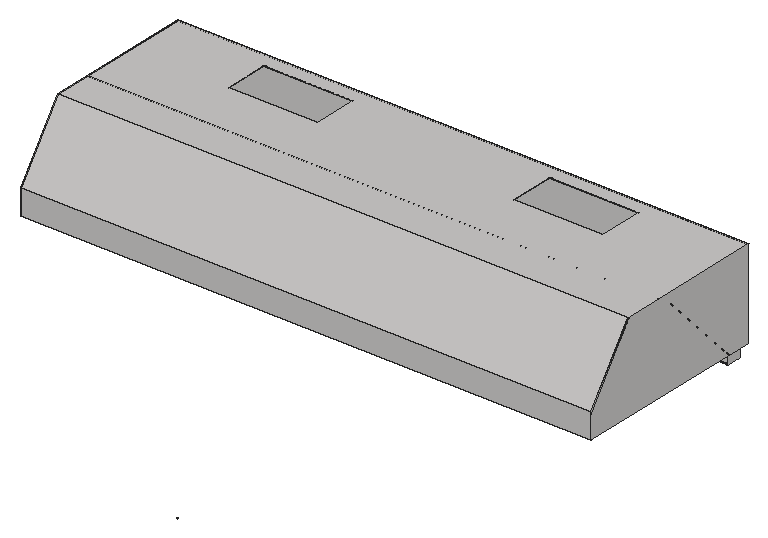
Revit family "QF_ELECTROLUXPROFESSIONAL_642335_BP1132DT", category Specialty Equipment, Revit 2014
Reference planes
  plane 1 "Center (Front/Back)": y = 0
  plane 2: z = 0
  plane 3 "Center (Left/Right)": x = 150
  plane 4 "LEFT": x = -1450
  plane 5 "RIGHT": x = 1750
  plane 6 "BACK": y = 550
  plane 7 "FRONT": y = -550
  plane 8 "TOP": z = 2500
  plane 9 "Base": z = 2000
  plane 10: z = 1926
  plane 11 "DrainY": y = 485
  plane 12: x = -1447
  plane 13: through (0, 414.509, 2000.8) normal (0, 0.7314, 0.682)
  plane 14: y = 470
  plane 15: y = 220
  plane 16 "DrainX": x = 1630
  plane 17: x = -400
  plane 18: x = 700
  plane 19: x = -900
  plane 20: x = 1200
  plane 21: x = 1747
  plane 22: x = 1540
  plane 23: x = 1720
  plane 24: x = -1410
  plane 25: x = -1045
  plane 26: x = -650
  plane 27: x = 1710
  plane 28: x = 1345
  plane 29: x = 950
  plane 30: z = 2140
  plane 31: y = -290
Forms (mm)
  Extrusion 1, solid, material "QF_Finishes_Stainless Steel"
    sketch origin (-1450, 0, 360) x (0, 1, 0) y (0, 0, 1)
      loop
        line (550, 1640) -> (550, 2140) -> (-290, 2140) -> (-550, 1780) -> (-550, 1640) -> (550, 1640)
    from 0 to 3
  Extrusion 2, solid, material "QF_Finishes_Stainless Steel"
    sketch origin (150, 0, 360) x (0, 1, 0) y (0, 0, 1)
      loop
        line (415.255, 1640) -> (550, 1640) -> (550, 2139.19) -> (549.2, 2139.19) -> (549.2, 1640.8) -> (415.876, 1640.8) -> (339.347, 1722.867) -> (349.609, 1732.436) -> (348.927, 1733.167) -> (337.934, 1722.917) -> (415.255, 1640)
      loop
        line (-82.203, 2139.19) -> (-82.203, 2118.6) -> (-31.047, 2118.6) -> (34.354, 2048.466) -> (46.028, 2059.352) -> (45.346, 2060.083) -> (34.403, 2049.879) -> (-30.612, 2119.6) -> (-81.203, 2119.6) -> (-81.203, 2139.19) -> (-82.203, 2139.19)
    from -1597 to 1597
  Extrusion 3, solid, material "QF_Finishes_Stainless Steel"
    sketch origin (1750, 0, 360) x (0, 1, 0) y (0, 0, 1)
      loop
        line (550, 1640) -> (550, 2140) -> (-290, 2140) -> (-550, 1780) -> (-550, 1640) -> (550, 1640)
    from 0 to -3
  Extrusion 4, solid, material "QF_Finishes_Stainless Steel"
    sketch origin (150, 0, 360) x (0, 1, 0) y (0, 0, 1)
      loop
        line (550, 2139.19) -> (550, 2140) -> (-290, 2140) -> (-550, 1780) -> (-550, 1640) -> (-549.2, 1640) -> (-549.2, 1779.741) -> (-289.598, 2139.19) -> (550, 2139.19)
    from -1600 to 1600
  Extrusion 5, solid, material "QF_Finishes_Stainless Steel"
    sketch origin (150, 0, 360) x (0, 1, 0) y (0, 0, 1)
      loop
        line (534, 1640) -> (436, 1640) -> (436, 1627) -> (443.5, 1627) -> (443.5, 1576)
        arc (443.5, 1576) -> (446.429, 1568.929) -> (453.5, 1566) r 10
        line (453.5, 1566) -> (516.5, 1566)
        arc (516.5, 1566) -> (523.571, 1568.929) -> (526.5, 1576) r 10
        line (526.5, 1576) -> (526.5, 1627) -> (534, 1627) -> (534, 1640)
    from 1390 to 1570
  Extrusion 6, solid, material "QF_Finishes_Stainless Steel"
    sketch origin (0, 0, 2000) x (0, 1, 0) y (-1, 0, 0)
      loop
        circle (485, -1630) r 20
    from -76 to -74
  Extrusion 7, solid, material "QF_Finished_Chrome"
    sketch origin (150, 0, 360) x (0, 1, 0) y (0, 0, 1)
      loop
        line (337.934, 1722.917) -> (341.591, 1726.327) -> (38.011, 2051.876) -> (34.354, 2048.466) -> (337.934, 1722.917)
    from -1195 to -1560
  Extrusion 8, solid, material "QF_Finished_Chrome"
    sketch origin (150, 0, 360) x (0, 1, 0) y (0, 0, 1)
      loop
        line (337.934, 1722.917) -> (341.591, 1726.327) -> (38.011, 2051.876) -> (34.354, 2048.466) -> (337.934, 1722.917)
    from 800 to -800
  Extrusion 9, solid, material "QF_Finishes_Stainless Steel"
    sketch origin (150, 0, 360) x (0, 1, 0) y (0, 0, 1)
      loop
        line (337.934, 1722.917) -> (341.591, 1726.327) -> (38.011, 2051.876) -> (34.354, 2048.466) -> (337.934, 1722.917)
    from 1597 to 1560
  Extrusion 10, solid, material "QF_Finishes_Stainless Steel"
    sketch origin (150, 0, 360) x (0, 1, 0) y (0, 0, 1)
      loop
        line (341.588, 1726.324) -> (38.009, 2051.874) -> (34.354, 2048.466) -> (337.934, 1722.917) -> (341.588, 1726.324)
    from -1195 to -800
  Extrusion 11, solid, material "QF_Finished_Chrome"
    sketch origin (150, 0, 360) x (0, 1, 0) y (0, 0, 1)
      loop
        line (341.588, 1726.324) -> (38.009, 2051.874) -> (34.354, 2048.466) -> (337.934, 1722.917) -> (341.588, 1726.324)
    from 1195 to 1560
  Extrusion 12, void
    sketch origin (0, 0, 2500) x (0, 1, 0) y (-1, 0, 0)
      loop
        line (470, 900) -> (220, 900) -> (220, 400) -> (470, 400) -> (470, 900)
    from 0 to -10
  Extrusion 13, void
    sketch origin (940, 0, 2500) x (0, 1, 0) y (-1, 0, 0)
      loop
        line (470, 240) -> (220, 240) -> (220, -260) -> (470, -260) -> (470, 240)
    from 0 to -10
  Extrusion 14, solid, material "QF_Finishes_Stainless Steel"
    sketch origin (0, 0, 0) x (1, 0, 0) y (0, 1, 0)
      loop
        line (-1450, 550) -> (-1450, 549) -> (-1449, 549) -> (-1449, 550) -> (-1450, 550)
    from 0 to 1
  Extrusion 15, solid, material "QF_Finishes_Stainless Steel"
    sketch origin (150, 0, 360) x (0, 1, 0) y (0, 0, 1)
      loop
        line (337.934, 1722.917) -> (341.591, 1726.327) -> (38.011, 2051.876) -> (34.354, 2048.466) -> (337.934, 1722.917)
    from -1560 to -1597
  Extrusion 16, solid, material "QF_Finishes_Stainless Steel"
    sketch origin (150, 0, 360) x (0, 1, 0) y (0, 0, -1)
      loop
        line (341.588, -1726.324) -> (337.934, -1722.917) -> (34.354, -2048.466) -> (38.009, -2051.874) -> (341.588, -1726.324)
    from -1195 to -800
Cuts and joins
  Extrusion 12, Extrusion 13 cuts Extrusion 4
  joined: Extrusion 2, Extrusion 4
Lines and regions (mm)
  reference lines
    curve 1: line (150, 34.354, 2408.466) -> (150, 34.354, 2248.466)
  symbolic lines, style "SpecialityEquipment", detail levels coarse
    curve 2: line (1750, 550, 2500) -> (-1450, 550, 2500)
    curve 3: line (-1450, 550, 2500) -> (-1450, -550, 2500)
    curve 4: line (1750, -550, 2500) -> (1750, 550, 2500)
    curve 5: line (-1450, -550, 2500) -> (1750, -550, 2500)
    curve 6: line (-900, 220, 2500) -> (-400, 220, 2500)
    curve 7: line (-900, 470, 2500) -> (-900, 220, 2500)
    curve 8: line (-400, 470, 2500) -> (-900, 470, 2500)
    curve 9: line (-400, 220, 2500) -> (-400, 470, 2500)
    curve 10: line (700, 470, 2500) -> (700, 220, 2500)
    curve 11: line (700, 220, 2500) -> (1200, 220, 2500)
    curve 12: line (1200, 470, 2500) -> (700, 470, 2500)
    curve 13: line (1200, 220, 2500) -> (1200, 470, 2500)
    curve 14: line (-1450, -290, 0) -> (1750, -290, 0)
    curve 15: line (-1450, 550, 0) -> (1750, -290, 0)
    curve 16: line (1750, 550, 0) -> (-1450, -290, 0)
Dimensions and locks
  plane 4 "LEFT" to plane 5 "RIGHT" = 3200 mm
  equal spacing: plane 4 "LEFT", plane 3 "Center (Left/Right)", plane 5 "RIGHT"
  locked: plane 8 "TOP" to plane 9 "Base" at 500
  plane 9 "Base" to plane 10 = 74 mm
  plane 6 "BACK" to plane 11 "DrainY" = 65 mm  (x2)
  plane 4 "LEFT" to plane 12 = 3 mm
  plane 6 "BACK" to plane 14 = 80 mm
  plane 14 to plane 15 = 250 mm  (x2)
  plane 16 "DrainX" to plane 5 "RIGHT" = 120 mm
  locked: plane 17 to plane 18 at 1100
  equal spacing: plane 17, plane 3 "Center (Left/Right)", plane 18
  plane 19 to plane 17 = 500 mm
  plane 18 to plane 20 = 500 mm
  plane 21 to plane 5 "RIGHT" = 3 mm
  locked: plane 22 to plane 16 "DrainX" at 90
  locked: plane 16 "DrainX" to plane 23 at 90
  plane 6 "BACK" to plane 7 "FRONT" = 1100 mm
  equal spacing: plane 6 "BACK", plane 1 "Center (Front/Back)", plane 7 "FRONT"
  plane 15 to plane 7 "FRONT" = 770 mm
  plane 14 to plane 6 "BACK" = 80 mm
  locked: plane 4 "LEFT" to plane 24 at 40
  locked: plane 24 to plane 25 at 365
  locked: plane 25 to plane 26 at 395
  locked: plane 27 to plane 28 at 365
  locked: plane 28 to plane 29 at 395
  locked: plane 27 to plane 5 "RIGHT" at 40
  plane 26 to plane 29 = 1600 mm
  plane 30 to plane 9 "Base" = 140 mm
  plane 31 to plane 7 "FRONT" = 260 mm
  locked: plane 9 "Base" to level at 2000
  aligned and locked: level to plane 2
  aligned and locked: Extrusion 2 to Extrusion 1
  aligned and locked: Extrusion 2 to Extrusion 3
  aligned and locked: plane 5 "RIGHT" to Extrusion 4
  aligned and locked: Extrusion 4 to plane 4 "LEFT"
  aligned and locked: plane 21 to Extrusion 9
  aligned and locked: plane 19 to Extrusion 12
  aligned and locked: Extrusion 12 to plane 17
  aligned and locked: Extrusion 12 to plane 15
  aligned and locked: Extrusion 12 to plane 14
  aligned and locked: Extrusion 13 to plane 20
  aligned and locked: plane 18 to Extrusion 13
  aligned and locked: plane 23 to Extrusion 5
  aligned and locked: Extrusion 5 to plane 22
  aligned and locked: Extrusion 9 to plane 27
  aligned and locked: Extrusion 11 to plane 27
  aligned and locked: Extrusion 11 to plane 28
  aligned and locked: Extrusion 8 to plane 29
  aligned and locked: Extrusion 8 to plane 26
  aligned and locked: plane 26 to Extrusion 10
  aligned and locked: Extrusion 10 to plane 25
  aligned and locked: plane 25 to Extrusion 7
  aligned and locked: Extrusion 7 to plane 24
  aligned and locked: Extrusion 15 to plane 12
  aligned and locked: plane 24 to Extrusion 15
  aligned and locked: Extrusion 16 to plane 29
  aligned and locked: Extrusion 16 to plane 28
  aligned and locked: Extrusion 3 to plane 21
Automatic sketch dimensions
  curve 5 to plane 4 "LEFT" = 0 mm
  curve 5 to plane 7 "FRONT" = 0 mm
  curve 9 to plane 15 = 0 mm
  curve 10 to plane 15 = 0 mm
  plane 14 to curve 8 = 0 mm
  plane 14 to curve 12 = 0 mm
  curve 3 to plane 6 "BACK" = 0 mm
  curve 5 to plane 5 "RIGHT" = 0 mm
  curve 11 to plane 20 = 0 mm
  curve 10 to plane 18 = 0 mm
  curve 6 to plane 17 = 0 mm
  curve 6 to plane 19 = 0 mm
  Extrusion 2 sketch curve to plane 13 = 0 mm  (x3)
  Extrusion 2 sketch curve to plane 9 "Base" = 0 mm
  plane 13 to Extrusion 2 sketch curve = 0 mm
  Extrusion 2 sketch curve to plane 6 "BACK" = 0 mm
  Extrusion 2 sketch curve to Extrusion 2 sketch curve = 65.646 mm
  Extrusion 2 sketch curve to Extrusion 2 sketch curve = 0.682 mm  (x2)
  Extrusion 2 sketch curve to Extrusion 2 sketch curve = 10.261 mm
  plane 9 "Base" to Extrusion 2 sketch curve = 82.917 mm
  Extrusion 2 sketch curve to plane 1 "Center (Front/Back)" = 46.028 mm
  Extrusion 2 sketch curve to Extrusion 2 sketch curve = 10.942 mm
  Extrusion 2 sketch curve to Extrusion 2 sketch curve = 0.049 mm
  Extrusion 2 sketch curve to plane 8 "TOP" = 20.4 mm
  Extrusion 2 sketch curve to plane 8 "TOP" = 21.4 mm
  Extrusion 2 sketch curve to plane 8 "TOP" = 0.81 mm  (x2)
  Extrusion 2 sketch curve to Extrusion 2 sketch curve = 50.156 mm
  Extrusion 2 sketch curve to Extrusion 2 sketch curve = 1 mm
  plane 9 "Base" to Extrusion 2 sketch curve = 0.8 mm
  Extrusion 2 sketch curve to plane 6 "BACK" = 0.8 mm
  curve 1 to plane 13 = 0 mm
  curve 1 to plane 1 "Center (Front/Back)" = 34.354 mm
  Extrusion 5 sketch curve to plane 9 "Base" = 0 mm
  Extrusion 5 sketch curve to plane 10 = 0 mm
  Extrusion 5 sketch curve to plane 9 "Base" = 13 mm  (x2)
  plane 14 to Extrusion 5 sketch curve = 34 mm
  Extrusion 5 sketch curve to Extrusion 5 sketch curve = 7.5 mm  (x2)
  Extrusion 5 sketch curve to Extrusion 5 sketch curve = 10 mm
  plane 11 "DrainY" to Extrusion 5 sketch curve = 31.5 mm
  Extrusion 5 sketch curve to plane 6 "BACK" = 23.5 mm
  Extrusion 6 sketch curve to plane 11 "DrainY" = 0 mm
  Extrusion 6 sketch curve to plane 16 "DrainX" = 0 mm
  Extrusion 7 sketch curve to plane 13 = 0 mm  (x2)
  Extrusion 7 sketch curve to plane 1 "Center (Front/Back)" = 34.354 mm
  Extrusion 7 sketch curve to Extrusion 7 sketch curve = 3.657 mm
  plane 9 "Base" to Extrusion 7 sketch curve = 82.917 mm
  Extrusion 8 sketch curve to plane 13 = 0 mm  (x2)
  Extrusion 8 sketch curve to plane 1 "Center (Front/Back)" = 34.354 mm
  Extrusion 8 sketch curve to Extrusion 8 sketch curve = 3.657 mm
  plane 9 "Base" to Extrusion 8 sketch curve = 82.917 mm
  Extrusion 9 sketch curve to plane 13 = 0 mm  (x2)
  Extrusion 9 sketch curve to plane 1 "Center (Front/Back)" = 34.354 mm
  Extrusion 9 sketch curve to Extrusion 9 sketch curve = 3.657 mm
  plane 9 "Base" to Extrusion 9 sketch curve = 82.917 mm
  Extrusion 10 sketch curve to plane 13 = 0 mm  (x2)
  Extrusion 10 sketch curve to plane 1 "Center (Front/Back)" = 34.354 mm
  Extrusion 10 sketch curve to Extrusion 10 sketch curve = 3.655 mm
  plane 9 "Base" to Extrusion 10 sketch curve = 82.917 mm
  Extrusion 11 sketch curve to plane 13 = 0 mm  (x2)
  Extrusion 11 sketch curve to plane 1 "Center (Front/Back)" = 34.354 mm
  Extrusion 11 sketch curve to Extrusion 11 sketch curve = 3.655 mm
  plane 9 "Base" to Extrusion 11 sketch curve = 82.917 mm
  Extrusion 12 sketch curve to plane 15 = 0 mm
  plane 14 to Extrusion 12 sketch curve = 0 mm
  Extrusion 12 sketch curve to plane 17 = 0 mm
  Extrusion 12 sketch curve to plane 19 = 0 mm
  Extrusion 13 sketch curve to plane 15 = 0 mm
  plane 14 to Extrusion 13 sketch curve = 0 mm
  Extrusion 13 sketch curve to plane 20 = 0 mm
  Extrusion 13 sketch curve to plane 18 = 0 mm
  Extrusion 14 sketch curve to plane 4 "LEFT" = 0 mm
  Extrusion 14 sketch curve to plane 6 "BACK" = 0 mm
  plane 4 "LEFT" to Extrusion 14 sketch curve = 1 mm
  Extrusion 14 sketch curve to plane 6 "BACK" = 1 mm
  Extrusion 15 sketch curve to plane 13 = 0 mm  (x2)
  Extrusion 15 sketch curve to plane 1 "Center (Front/Back)" = 34.354 mm
  Extrusion 15 sketch curve to Extrusion 15 sketch curve = 3.657 mm
  plane 9 "Base" to Extrusion 15 sketch curve = 82.917 mm
  Extrusion 16 sketch curve to plane 13 = 0 mm  (x2)
  Extrusion 16 sketch curve to plane 1 "Center (Front/Back)" = 34.354 mm
  Extrusion 16 sketch curve to Extrusion 16 sketch curve = 3.655 mm
  plane 9 "Base" to Extrusion 16 sketch curve = 82.917 mm
  curve 1 to curve 1 = 160 mm
  Extrusion 4 sketch curve to plane 7 "FRONT" = 0 mm
  Extrusion 4 sketch curve to plane 8 "TOP" = 0 mm
  Extrusion 4 sketch curve to plane 31 = 0 mm
  Extrusion 4 sketch curve to plane 6 "BACK" = 0 mm
  Extrusion 4 sketch curve to plane 9 "Base" = 0 mm
  Extrusion 4 sketch curve to plane 30 = 0 mm
  Extrusion 4 sketch curve to plane 30 = 0.259 mm
  plane 7 "FRONT" to Extrusion 4 sketch curve = 0.8 mm
  Extrusion 4 sketch curve to Extrusion 4 sketch curve = 0.81 mm
  Extrusion 4 sketch curve to plane 31 = 0.402 mm
  Extrusion 1 sketch curve to plane 7 "FRONT" = 0 mm
  Extrusion 1 sketch curve to plane 8 "TOP" = 0 mm
  Extrusion 1 sketch curve to plane 31 = 0 mm
  Extrusion 1 sketch curve to plane 6 "BACK" = 0 mm
  Extrusion 1 sketch curve to plane 9 "Base" = 0 mm
  Extrusion 1 sketch curve to plane 30 = 0 mm
  Extrusion 3 sketch curve to plane 7 "FRONT" = 0 mm
  Extrusion 3 sketch curve to plane 8 "TOP" = 0 mm
  Extrusion 3 sketch curve to plane 31 = 0 mm
  Extrusion 3 sketch curve to plane 6 "BACK" = 0 mm
  Extrusion 3 sketch curve to plane 9 "Base" = 0 mm
  Extrusion 3 sketch curve to plane 30 = 0 mm
  curve 16 to plane 4 "LEFT" = 0 mm
  curve 15 to plane 4 "LEFT" = 0 mm
  curve 16 to plane 5 "RIGHT" = 0 mm
  curve 14 to plane 5 "RIGHT" = 0 mm
  plane 31 to curve 14 = 0 mm
  curve 16 to plane 6 "BACK" = 0 mm
  curve 15 to plane 6 "BACK" = 0 mm
  radius of Extrusion 6 sketch curve = 20 mm
Connectors
  piping at (1630, 485, 1924), diameter 20
    settings: on Extrusion 6, index 1, connector inside diameter 609.6 mm, connector length 0 mm, flow factor 0, pipe flow 0.0 L/s, pressure drop 0.0 Pa, fitting loss kfactor 0, connector angle 0.00°, fixture units 0, engagement length 0 mm, angle of deflection 0.00°, flow configuration 1, flow direction 2, fitting loss method 0, system type 16, joint type 0, gender type 0, connector reference index -1, connector utility 0, adjustable connector no, is connector primary yes, connector description "Drain"
  hvac at (-650, 345, 2500)
    settings: on Extrusion 12, index 2, duct flow 0.0 L/s, flow factor 0, pres drop 0.0 Pa, loss coef 0, conn angle 0.00°, conn width 250 mm, conn height 500 mm, conn diameter 609.6 mm, duct sys type 3, conn prof type 1, flow config 1, flow direction 0, loss method 0, conn ref index -1, conn util no, is conn primary yes, conn desc "EXHAUST OUTLET"
  hvac at (950, 345, 2500)
    settings: on Extrusion 13, index 3, duct flow 0.0 L/s, flow factor 0, pres drop 0.0 Pa, loss coef 0, conn angle 0.00°, conn width 250 mm, conn height 500 mm, conn diameter 609.6 mm, duct sys type 3, conn prof type 1, flow config 1, flow direction 0, loss method 0, conn ref index -1, conn util no, is conn primary no, conn desc "EXHAUST OUTLET"
